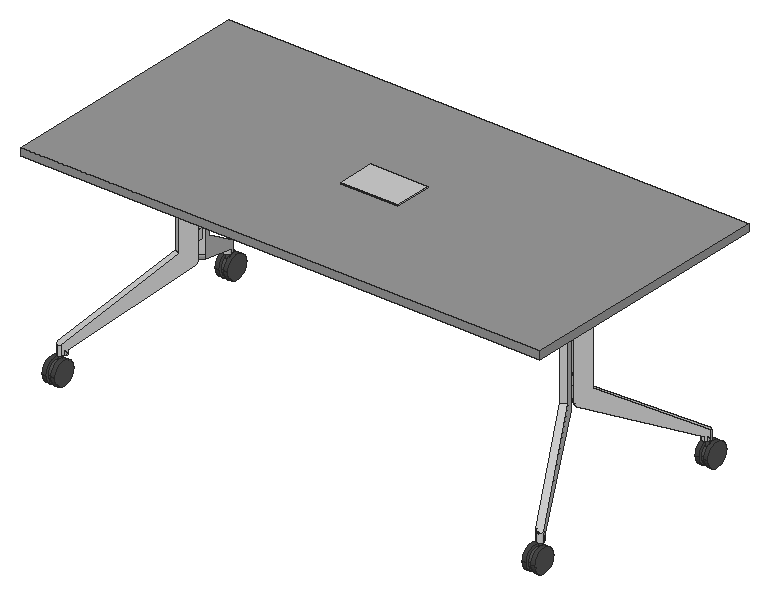
Revit family "Haworth_Planes_CollaborativeTable_Rectangle_AP_PRELIMINARY", category Furniture, Revit 2019
Family settings
  OmniClass Number = 23.40.70.14.64.21
  OmniClass Title = Systems Furniture
  Work Plane-Based = No
  Always vertical = Yes
  Cut with Voids When Loaded = No
  Shared = No
  Room Calculation Point = No
Parameters (values of type "1800w x 900d")
  Width = 1800 mm
  Warranty = "http://www.haworth.com/resources/product-info/warranties"
  URL - Product = "https://www.haworth.com/ap/en/products/conference-tables/planes-0.html"
  Trim Finish = Haworth _ Polymer _ Undecided
  Top Finish [instance] = Haworth _ Laminate _ Undecided _ Tables
  Support Finish [instance] = Haworth _ Paint _ Undecided _ Table
  Small = Depth = 750 mm  # no
  Screen Width = Actual Width - 500 mm  # 1300 mm
  Model = "WOPLTAR"  # constant formula
  Min. Width = 1500 mm  # constant formula
  Min. Depth = 750 mm  # constant formula
  Max. Width = 1800 mm  # constant formula
  Max. Depth = 900 mm  # constant formula
  Leg Height = Actual Height - 25 mm  # 715 mm
  Large = Depth = 900 mm  # yes
  Glides = no
  Flip Top Finish = Haworth _ Paint _ Undecided _ Table
  Flip Top = yes
  Description = "Haworth - Planes - Collaborative Table - Rectangle"  # constant formula
  URL = "https://www.haworth.com/ap/en.html"
  Size = "Verify Final Dim. w/ Haworth"  # constant formula
  Revision Number = "1"  # constant formula
  Manufacturer = "Haworth"  # constant formula
  Depth = 900 mm
  Casters = not(Glides)  # yes
  Caster Finish = Haworth _ Polymer _ Black
  Author = "Haworth (Abd Rahman)"  # constant formula
  Assembly Code = "E2020200"
  Actual Width = if(Width > Max. Width, Max. Width, if(Width < Min. Width, Min. Width, Width))  # 1800 mm
  Actual Height = 740 mm  # constant formula
  Actual Depth = if(Depth > Max. Depth, Max. Depth, if(Depth < Min. Depth, Min. Depth, Depth))  # 900 mm
Types (7, lengths in mm): name | Width | Small | Screen Width | Large | Glides | Flip Top | Depth | Casters | Actual Width | Actual Depth
  (no name) | 1800 | no | 1300 | yes | no | yes | 900 | yes | 1800 | 900
  1500w x 750d | 1500 | yes | 1000 | no | no | no | 750 | yes | 1500 | 750
  1500w x 900d | 1500 | no | 1000 | yes | yes | yes | 900 | no | 1500 | 900
  1600w x 750d | 1600 | yes | 1100 | no | yes | yes | 750 | no | 1600 | 750
  1600w x 900d | 1600 | no | 1100 | yes | no | yes | 900 | yes | 1600 | 900
  1800w x 750d | 1800 | yes | 1300 | no | no | no | 750 | yes | 1800 | 750
  1800w x 900d | 1800 | no | 1300 | yes | no | yes | 900 | yes | 1800 | 900
Reference planes
  plane 1 "Center F/B": y = 0
  plane 2: z = 0
  plane 3 "Top": z = 740
  plane 4: x = 0
  plane 5: z = 715
  plane 6: x = -900
  plane 7: x = 900
  plane 8: y = 450
  plane 9: y = -450
  plane 10: x = -640
  plane 11: x = 640
  plane 12: y = -400
  plane 13: x = 850
  plane 14: y = 400
  plane 15: x = -850
Dimensions and locks
  "Actual Height": plane 3 "Top" to level
  "Actual Width": plane 6 to plane 7
  equal spacing: plane 6, plane 4, plane 7
  equal spacing: plane 8, plane 1 "Center F/B", plane 9
  "Actual Depth": plane 8 to plane 9
  locked: plane 3 "Top" to plane 5 at 25
  plane 6 to plane 10 = 260 mm
  plane 11 to plane 7 = 260 mm
  locked: plane 6 to plane 15 at 50
  locked: plane 13 to plane 7 at 50
  locked: plane 12 to plane 9 at 50
  locked: plane 14 to plane 8 at 50
  aligned and locked: nested 1 to plane 4
  aligned and locked: plane 1 "Center F/B" to nested 1
  aligned and locked: plane 3 "Top" to nested 1
  aligned and locked: nested 2 to plane 10
  aligned and locked: nested 3 to plane 11
  aligned and locked: nested 3 to plane 1 "Center F/B"
  aligned and locked: plane 1 "Center F/B" to nested 2
  aligned and locked: plane 2 to nested 2
  aligned and locked: plane 2 to nested 3
  aligned and locked: nested 4 to plane 4
  aligned and locked: plane 1 "Center F/B" to nested 4
  aligned and locked: plane 5 to nested 4
  aligned and locked: nested 5 to plane 4
  aligned and locked: plane 1 "Center F/B" to nested 5
  aligned and locked: nested 5 to plane 3 "Top"
  aligned and locked: nested 6 to plane 10
  aligned and locked: nested 7 to plane 11
  aligned and locked: nested 7 to plane 1 "Center F/B"
  aligned and locked: plane 1 "Center F/B" to nested 6
  aligned and locked: plane 2 to nested 6
  aligned and locked: plane 2 to nested 7
Nested families
  nested 1: "Haworth_Planes_Top_EU-PART" at (556.859, 72.1, 5), Top Finish <- "Top Finish", type "Conference Desk - Top"
    with Top Finish Haworth _ Laminate _ Undecided _ Tables, Rounded Corners no, Actual Width 1800 mm, Actual Depth 900 mm
  nested 2: "Haworth_Planes_Leg-Y" at (-640, 0, 0), visible <- "Small", type "Leg"
    with Leg Height 715 mm
  nested 3: "Haworth_Planes_Leg-Y" at (640, 0, 0) x (-1, 0, 0) z (0, 0, 1), visible <- "Small", type "Leg"
    with Leg Height 715 mm
  nested 4: "Haworth_Planes_Beam_Understructure-PART" at (0, 29.1, 0), Support Finish <- "Support Finish", type "Beam Understructure"
    with Support Finish Haworth _ Paint _ Undecided _ Table, Actual Width 1300 mm
  nested 5: "Haworth-Flip Top" at (-14.487, -1.333, -60), visible <- "Flip Top", type "Flip Top - Visio"
    with Actual Width 200 mm, Actual Depth 130 mm
  nested 6: "Haworth_Planes_Leg-Y_Large-PART" at (-640, 0, 0), visible <- "Large", type "Leg"
    with Leg Height 715 mm
  nested 7: "Haworth_Planes_Leg-Y_Large-PART" at (640, 0, 0) x (-1, 0, 0) z (0, 0, 1), visible <- "Large", type "Leg"
    with Leg Height 715 mm
Definition of nested family "Haworth_Planes_Top_EU-PART"
  Parameters (values of type "Conference Desk - Top")
    Warranty = "http://www.haworth.com/resources/product-info/warranties"
    URL - Product = ""
    URL = "https://www.haworth.com/eu/en.html"
    Top Finish [instance] = none
    Thickness = 25 mm
    Squared Corners = yes
    Size = "Verify Final Dim. w/ Haworth"  # constant formula
    Rounded Corners = yes
    Revision Number = "1"  # constant formula
    Model = ""
    Manufacturer = "Haworth"  # constant formula
    Edge Protector = none
    Description = ""
    Author = "Haworth (Abd Rahman)"  # constant formula
    Assembly Code = "E2020200"
    Actual Width = 2100 mm
    Actual Mounting Height = 450 mm
    Actual Depth = 800 mm
  Reference planes
    plane 1: z = -5
    plane 2: x = -1606.859
    plane 3: x = 493.141
    plane 4: x = -556.859
    plane 5: y = 327.9
    plane 6: y = -472.1
    plane 7: y = -72.1
    plane 8: z = 735
    plane 9: z = 710
    plane 10: z = 726
    plane 11: z = 717
    plane 12: x = 488.203
    plane 13: x = -1601.922
    plane 14: y = 323.298
    plane 15: y = -467.498
  Forms (mm)
    Extrusion 1, solid, material <- "Top Finish", visible <- "Squared Corners"
      sketch origin (0, 0, -5) x (1, 0, 0) y (0, 1, 0)
        loop
          line (-1606.859, 327.9) -> (-1606.859, -472.1) -> (493.141, -472.1) -> (493.141, 327.9) -> (-1606.859, 327.9)
      from 715 to 740
    Extrusion 2, solid, material <- "Top Finish", visible <- "Rounded Corners"
      sketch origin (0, 0, -5) x (1, 0, 0) y (0, 1, 0)
        loop
          arc (-1561.922, 323.298) -> (-1590.206, 311.583) -> (-1601.922, 283.298) r 40
          line (-1601.922, 283.298) -> (-1601.922, -427.498)
          arc (-1601.922, -427.498) -> (-1590.206, -455.783) -> (-1561.922, -467.498) r 40
          line (-1561.922, -467.498) -> (448.203, -467.498)
          arc (448.203, -467.498) -> (476.488, -455.783) -> (488.203, -427.498) r 40
          line (488.203, -427.498) -> (488.203, 283.298)
          arc (488.203, 283.298) -> (476.488, 311.583) -> (448.203, 323.298) r 40
          line (448.203, 323.298) -> (-1561.922, 323.298)
      from 731 to 740
    Extrusion 3, solid, material <- "Top Finish", visible <- "Rounded Corners"
      sketch origin (0, 0, -5) x (1, 0, 0) y (0, 1, 0)
        loop
          arc (-1561.922, 323.298) -> (-1590.206, 311.583) -> (-1601.922, 283.298) r 40
          line (-1601.922, 283.298) -> (-1601.922, -427.498)
          arc (-1601.922, -427.498) -> (-1590.206, -455.783) -> (-1561.922, -467.498) r 40
          line (-1561.922, -467.498) -> (448.203, -467.498)
          arc (448.203, -467.498) -> (476.488, -455.783) -> (488.203, -427.498) r 40
          line (488.203, -427.498) -> (488.203, 283.298)
          arc (488.203, 283.298) -> (476.488, 311.583) -> (448.203, 323.298) r 40
          line (448.203, 323.298) -> (-1561.922, 323.298)
      from 715 to 722
    Extrusion 4, solid, material <- "Edge Protector", visible <- "Rounded Corners"
      sketch origin (0, 0, -5) x (1, 0, 0) y (0, 1, 0)
        loop
          arc (-1566.859, 327.9) -> (-1595.143, 316.184) -> (-1606.859, 287.9) r 40
          line (-1606.859, 287.9) -> (-1606.859, -432.1)
          arc (-1606.859, -432.1) -> (-1595.143, -460.384) -> (-1566.859, -472.1) r 40
          line (-1566.859, -472.1) -> (453.141, -472.1)
          arc (453.141, -472.1) -> (481.425, -460.384) -> (493.141, -432.1) r 40
          line (493.141, -432.1) -> (493.141, 287.9)
          arc (493.141, 287.9) -> (481.425, 316.184) -> (453.141, 327.9) r 40
          line (453.141, 327.9) -> (-1566.859, 327.9)
      from 722 to 731
  Dimensions and locks
    equal spacing: plane 2, plane 4, plane 3
    equal spacing: plane 6, plane 7, plane 5
    "Actual Width": plane 2 to plane 3
    "Actual Depth": plane 6 to plane 5
    plane 8 to plane 10 to plane 11 to plane 9 = 9 mm locked, 9 mm locked, 7 mm locked
    locked: plane 2 to plane 13 at 4.937
    locked: plane 12 to plane 3 at 4.938
    locked: plane 14 to plane 5 at 4.602
    locked: plane 6 to plane 15 at 4.602
    plane 8 to plane 9 = 25 mm
    aligned and locked: level to plane 1
    aligned and locked: plane 3 to Extrusion 1 sketch curve
    aligned and locked: plane 5 to Extrusion 1 sketch curve
    aligned and locked: Extrusion 1 sketch curve to plane 6
    aligned and locked: Extrusion 1 sketch curve to plane 2
    aligned and locked: plane 8 to Extrusion 1
    aligned and locked: Extrusion 1 to plane 9
    aligned and locked: Extrusion 2 to plane 8
    aligned and locked: Extrusion 2 to plane 10
    aligned and locked: plane 12 to Extrusion 3 sketch curve
    aligned and locked: Extrusion 3 sketch curve to plane 14
    aligned and locked: Extrusion 3 sketch curve to plane 15
    aligned and locked: plane 13 to Extrusion 3 sketch curve
    aligned and locked: plane 13 to Extrusion 2 sketch curve
    aligned and locked: Extrusion 2 sketch curve to plane 15
    aligned and locked: plane 12 to Extrusion 2 sketch curve
    aligned and locked: Extrusion 2 sketch curve to plane 14
    aligned and locked: plane 11 to Extrusion 3
    aligned and locked: Extrusion 3 to plane 9
    aligned and locked: Extrusion 4 sketch curve to plane 6
    aligned and locked: plane 3 to Extrusion 4 sketch curve
    aligned and locked: plane 5 to Extrusion 4 sketch curve
    aligned and locked: Extrusion 4 sketch curve to plane 2
    aligned and locked: Extrusion 4 to plane 11
    aligned and locked: plane 10 to Extrusion 4
  Automatic sketch dimensions
    plane 13 to Extrusion 2 sketch curve = 40 mm  (x2)
    plane 12 to Extrusion 2 sketch curve = 40 mm  (x2)
    Extrusion 2 sketch curve to plane 15 = 40 mm  (x2)
    plane 13 to Extrusion 3 sketch curve = 40 mm  (x2)
    plane 12 to Extrusion 3 sketch curve = 40 mm  (x2)
    Extrusion 3 sketch curve to plane 15 = 40 mm  (x2)
    plane 13 to Extrusion 4 sketch curve = 35.063 mm  (x2)
    plane 12 to Extrusion 4 sketch curve = 35.062 mm  (x3)
    Extrusion 4 sketch curve to plane 15 = 35.398 mm
Definition of nested family "Haworth_Planes_Leg-Y"
  Parameters (values of type "Leg")
    Leg Height = 774.7 mm
    Leg Finish = none
    Glides = no
    Casters = yes
    Caster Finish = none
    Assembly Code = ""
  Reference planes
    plane 1 "Center (Front/Back)": y = 0
    plane 2: z = 0
    plane 3 "Center (Left/Right)": x = 0
    plane 4 "Top of Leg": z = 774.7
    plane 5 "Y Leg Stand": x = -149.225
    plane 6 "Left Y Leg": through (-4.476, 15.493, 1219.2) normal (-0.8829, -0.4695, 0)
    plane 7 "Left Post": x = -14.287
    plane 8 "Left Support": y = 287.729
    plane 9: through (-4.476, -15.493, 1219.2) normal (0.8829, -0.4695, 0)
    plane 10: y = -287.729
  Forms (mm)
    Extrusion 1, solid, material <- "Leg Finish"
      sketch origin (-13.106, 0, 0) x (1, 0, 0) y (0, 0, 1)
        loop
          line (7.144, 346.075) -> (7.144, 377.825) -> (-1.181, 377.825) -> (-1.181, 346.075) -> (7.144, 346.075)
      from -25.4 to 25.4
    Extrusion 2, solid, material <- "Leg Finish"
      sketch origin (-4.476, 15.493, 1219.2) x (0.469468, -0.88295, 0) y (0, 0, -1)
        loop
          line (-50.8, 882.657) -> (-50.8, 444.5) -> (0, 444.5) -> (0, 873.308) -> (-2.538, 909.601)
          arc (-2.538, 909.601) -> (-6.012, 920.969) -> (-14.114, 929.665) r 26.437
          line (-14.114, 929.665) -> (-299.087, 1116.593) -> (-321.132, 1116.593) -> (-321.132, 1102.547) -> (-50.8, 882.657)
      from -11.113 to 11.113
    Extrusion 3, void
      sketch origin (18.686, 21.929, 0) x (0.88295, 0.469468, 0) y (-0.469468, 0.88295, 0)
        loop
          arc (-34.584, 313.517) -> (-23.472, 324.63) -> (-12.359, 313.517) r 11.112
          line (-12.359, 313.517) -> (-7.908, 313.517) -> (-7.908, 327.429) -> (-39.035, 327.429) -> (-39.035, 313.517) -> (-34.584, 313.517)
      from 81.937 to 140.104
    Revolve 4, solid, material <- "Leg Finish", visible <- "Glides"
      sketch origin (-149.466, -1.061, 0) x (-0.000803, -1, 0) y (0, 0, 1)
        loop
          line (-288.79, 87.312) -> (-288.79, 0) -> (-263.39, 0) -> (-263.39, 4.762) -> (-277.678, 4.762) -> (-277.678, 87.312) -> (-288.79, 87.312)
        axis (-288.79, 87.312) -> (-288.79, 0)
      angle from 0 to 360
    Extrusion 5, solid, material <- "Leg Finish"
      sketch origin (18.686, 21.929, 0) x (0.88295, 0.469468, 0) y (-0.469468, 0.88295, 0)
        loop
          circle (-23.472, 313.517) r 11.112
      from 87.312 to 102.607
    Extrusion 6, solid, material <- "Leg Finish"
      sketch origin (-4.476, -15.493, 1219.2) x (0.469468, 0.88295, 0) y (0, 0, 1)
        loop
          line (-50.8, -882.657) -> (-321.132, -1102.547) -> (-321.132, -1116.593) -> (-299.087, -1116.593) -> (-14.114, -929.665)
          arc (-14.114, -929.665) -> (-6.012, -920.969) -> (-2.538, -909.601) r 26.437
          line (-2.538, -909.601) -> (0, -873.308) -> (0, -444.5) -> (-50.8, -444.5) -> (-50.8, -882.657)
      from -11.113 to 11.113
    Extrusion 7, void
      sketch origin (18.686, -21.929, 0) x (0.88295, -0.469468, 0) y (0.469468, 0.88295, 0)
        loop
          line (-34.584, -313.517) -> (-39.035, -313.517) -> (-39.035, -327.429) -> (-7.908, -327.429) -> (-7.908, -313.517) -> (-12.359, -313.517)
          arc (-12.359, -313.517) -> (-23.472, -324.63) -> (-34.584, -313.517) r 11.112
      from 81.937 to 140.104
    Revolve 8, solid, material <- "Leg Finish", visible <- "Glides"
      sketch origin (-149.448, 1.061, 0) x (-0.000803, 1, 0) y (0, 0, -1)
        loop
          line (-288.79, -87.312) -> (-277.678, -87.312) -> (-277.678, -4.762) -> (-263.39, -4.762) -> (-263.39, 0) -> (-288.79, 0) -> (-288.79, -87.312)
        axis (-288.79, -87.312) -> (-288.79, 0)
      angle from 0 to 360
    Extrusion 9, solid, material <- "Leg Finish"
      sketch origin (18.686, -21.929, 0) x (0.88295, -0.469468, 0) y (0.469468, 0.88295, 0)
        loop
          circle (-23.472, -313.517) r 11.112
      from 87.312 to 102.607
  Cuts and joins
    Extrusion 3, Extrusion 7 cuts Extrusion 1
    Extrusion 3, Extrusion 7 cuts Extrusion 2
    Extrusion 7 cuts Extrusion 5
    Extrusion 7 cuts Extrusion 6
    Extrusion 7 cuts Extrusion 9
    joined: Extrusion 1, Extrusion 2, Extrusion 5, Extrusion 6, Extrusion 9
    Extrusion 7 cuts Revolve 4
    Extrusion 7 cuts Revolve 8
  Dimensions and locks
    "Leg Height": plane 4 "Top of Leg" to level
    plane 5 "Y Leg Stand" to plane 3 "Center (Left/Right)" = 149.225 mm
    locked: plane 7 "Left Post" to plane 3 "Center (Left/Right)" at 14.288
  Automatic sketch dimensions
    plane 7 "Left Post" to Extrusion 1 sketch curve = 0 mm
    Extrusion 1 sketch curve to plane 3 "Center (Left/Right)" = 5.962 mm
    level to Extrusion 1 sketch curve = 346.075 mm
    Extrusion 1 sketch curve to Extrusion 1 sketch curve = 31.75 mm
    plane 4 "Top of Leg" to Extrusion 2 sketch curve = 0 mm
    Extrusion 2 sketch curve to level = 116.653 mm
    Extrusion 2 sketch curve to level = 102.607 mm
    Extrusion 2 sketch curve to Extrusion 2 sketch curve = 22.044 mm
    Extrusion 2 sketch curve to Extrusion 2 sketch curve = 270.332 mm
    Extrusion 2 sketch curve to Extrusion 2 sketch curve = 21.89 mm
    Extrusion 2 sketch curve to level = 289.535 mm
    Extrusion 2 sketch curve to Extrusion 2 sketch curve = 14.796 mm
    Extrusion 2 sketch curve to level = 309.599 mm
    Extrusion 2 sketch curve to Extrusion 2 sketch curve = 11.576 mm
    Extrusion 2 sketch curve to Extrusion 2 sketch curve = 50.8 mm
    Extrusion 2 sketch curve to Extrusion 2 sketch curve = 25.1 mm
    Extrusion 2 sketch curve to Extrusion 2 sketch curve = 36.294 mm
    Extrusion 3 sketch curve to plane 5 "Y Leg Stand" = 0 mm
    Extrusion 3 sketch curve to plane 6 "Left Y Leg" = 0 mm
    Extrusion 3 sketch curve to plane 6 "Left Y Leg" = 11.112 mm
    Extrusion 3 sketch curve to Extrusion 3 sketch curve = 4.451 mm  (x2)
    Extrusion 3 sketch curve to Extrusion 3 sketch curve = 13.912 mm
    Revolve 4 sketch curve to level = 0 mm
    level to Revolve 4 sketch curve = 87.093 mm
    Revolve 4 sketch curve to Revolve 4 sketch curve = 0 mm
    level to Revolve 4 sketch curve = 4.763 mm
    Revolve 4 sketch curve to Revolve 4 sketch curve = 11.113 mm
    Revolve 4 sketch curve to Revolve 4 sketch curve = 14.287 mm
    Revolve 4 sketch curve to level = 27.207 mm
    Revolve 4 sketch curve to Revolve 4 sketch curve = 0.22 mm
    Extrusion 5 sketch curve to plane 5 "Y Leg Stand" = 0 mm
    Extrusion 5 sketch curve to plane 6 "Left Y Leg" = 0 mm
    Extrusion 6 sketch curve to plane 4 "Top of Leg" = 0 mm
    level to Extrusion 6 sketch curve = 116.653 mm
    level to Extrusion 6 sketch curve = 102.607 mm
    Extrusion 6 sketch curve to Extrusion 6 sketch curve = 22.044 mm
    Extrusion 6 sketch curve to Extrusion 6 sketch curve = 270.332 mm
    Extrusion 6 sketch curve to Extrusion 6 sketch curve = 21.89 mm
    level to Extrusion 6 sketch curve = 289.535 mm
    Extrusion 6 sketch curve to Extrusion 6 sketch curve = 14.796 mm
    level to Extrusion 6 sketch curve = 309.599 mm
    Extrusion 6 sketch curve to Extrusion 6 sketch curve = 11.576 mm
    Extrusion 6 sketch curve to Extrusion 6 sketch curve = 50.8 mm
    Extrusion 6 sketch curve to Extrusion 6 sketch curve = 25.1 mm
    Extrusion 6 sketch curve to Extrusion 6 sketch curve = 36.294 mm
    Extrusion 7 sketch curve to plane 5 "Y Leg Stand" = 0 mm
    plane 9 to Extrusion 7 sketch curve = 0 mm
    plane 9 to Extrusion 7 sketch curve = 11.112 mm
    Extrusion 7 sketch curve to Extrusion 7 sketch curve = 4.451 mm  (x2)
    Extrusion 7 sketch curve to Extrusion 7 sketch curve = 13.912 mm
    Revolve 8 sketch curve to level = 0 mm
    level to Revolve 8 sketch curve = 87.093 mm
    Revolve 8 sketch curve to Revolve 8 sketch curve = 0 mm
    level to Revolve 8 sketch curve = 4.763 mm
    Revolve 8 sketch curve to Revolve 8 sketch curve = 11.113 mm
    Revolve 8 sketch curve to Revolve 8 sketch curve = 14.287 mm
    Revolve 8 sketch curve to Revolve 8 sketch curve = 0.22 mm
    Revolve 8 sketch curve to level = 27.207 mm
    Extrusion 9 sketch curve to plane 5 "Y Leg Stand" = 0 mm
    plane 9 to Extrusion 9 sketch curve = 0 mm
    radius of Extrusion 5 sketch curve = 11.112 mm
    radius of Extrusion 9 sketch curve = 11.112 mm
  Nested families
    nested 1: "Haworth_3in Caster" at (-149.225, 287.729, 0), visible <- "Casters", type "Haworth_3in Caster"
    nested 2: "Haworth_3in Caster" at (-149.225, -287.729, 0), visible <- "Casters", type "Haworth_3in Caster"
  Definition of nested family "Haworth_3in Caster"
    Parameters
      Glides = yes
      Caster Finish = none
      Cart Leg Finish = none
      Assembly Code = ""
    Reference planes
      plane 1 "Center (Front/Back)": y = 0
      plane 2: z = 0
      plane 3 "Center (Left/Right)": x = 0
    Forms (mm)
      Extrusion 1, solid
        sketch origin (0, 0, -0.538) x (0, 1, 0) y (0, 0, 1)
          loop
            circle (-12.369, 40.225) r 39.688
        from 22.225 to 7.938
      Extrusion 2, solid
        sketch origin (0, 0, -0.538) x (0, 1, 0) y (0, 0, 1)
          loop
            circle (-12.369, 40.225) r 39.688
        from -22.225 to -7.938
      Extrusion 3, solid
        sketch origin (0, 0, 0) x (0, 1, 0) y (0, 0, 1)
          loop
            circle (-12.369, 39.687) r 33.338
        from -7.938 to 7.938
      Extrusion 4, solid
        sketch origin (0, 0, 0) x (1, 0, 0) y (0, 1, 0)
          loop
            circle (0, 0) r 6.35
        from 61.913 to 87.313
    Cuts and joins
      joined: Extrusion 3, Extrusion 4
    Dimensions and locks
      plane 3 "Center (Left/Right)" to Extrusion 2 = 7.938 mm
      Extrusion 1 to plane 3 "Center (Left/Right)" = 22.225 mm
Definition of nested family "Haworth_Planes_Beam_Understructure-PART"
  Parameters (values of type "Beam Understructure")
    Support Finish [instance] = none
    Assembly Code = ""
    Actual Width = 1400 mm
    Actual Depth = 133 mm  # constant formula
  Reference planes
    plane 1 "Center (Front/Back)": y = -29.1
    plane 2: z = 0
    plane 3 "Center (Left/Right)": x = 0
    plane 4: z = 715
    plane 5: x = -700
    plane 6: x = 700
    plane 7: z = 635
    plane 8: y = 37.4
    plane 9: y = -95.6
  Forms (mm)
    Extrusion 1, solid, material <- "Support Finish"
      sketch origin (0, -102.4, 16.467) x (0, 1, 0) y (0, 0, 1)
        loop
          arc (110.838, 646.415) -> (111.458, 647.913) -> (112.956, 648.533) r 2.118
          line (112.956, 648.533) -> (131.591, 648.533)
          arc (131.591, 648.533) -> (137.423, 650.949) -> (139.838, 656.78) r 8.247
          line (139.838, 656.78) -> (139.838, 689.631)
          arc (139.838, 689.631) -> (137.231, 695.926) -> (130.936, 698.533) r 8.902
          line (130.936, 698.533) -> (121.938, 698.533)
          arc (121.938, 698.533) -> (120.453, 697.918) -> (119.838, 696.433) r 2.1
          line (119.838, 696.433) -> (119.838, 652.533) -> (118.839, 651.533) -> (112.838, 651.533)
          arc (112.838, 651.533) -> (109.302, 650.069) -> (107.838, 646.533) r 5
          line (107.838, 646.533) -> (107.838, 623.698)
          arc (107.838, 623.698) -> (107.204, 622.167) -> (105.674, 621.533) r 2.164
          line (105.674, 621.533) -> (40.925, 621.533)
          arc (40.925, 621.533) -> (39.449, 622.145) -> (38.838, 623.621) r 2.088
          line (38.838, 623.621) -> (38.838, 646.533)
          arc (38.838, 646.533) -> (37.373, 650.069) -> (33.838, 651.533) r 5
          line (33.838, 651.533) -> (27.838, 651.533) -> (26.838, 652.533) -> (26.838, 696.483)
          arc (26.838, 696.483) -> (26.238, 697.933) -> (24.789, 698.533) r 2.05
          line (24.789, 698.533) -> (15.348, 698.533)
          arc (15.348, 698.533) -> (9.331, 696.041) -> (6.838, 690.024) r 8.509
          line (6.838, 690.024) -> (6.838, 656.933)
          arc (6.838, 656.933) -> (9.299, 650.993) -> (15.239, 648.533) r 8.4
          line (15.239, 648.533) -> (33.79, 648.533)
          arc (33.79, 648.533) -> (35.238, 647.933) -> (35.838, 646.485) r 2.048
          line (35.838, 646.485) -> (35.838, 623.876)
          arc (35.838, 623.876) -> (37.403, 620.098) -> (41.18, 618.533) r 5.343
          line (41.18, 618.533) -> (105.838, 618.533)
          arc (105.838, 618.533) -> (109.373, 619.997) -> (110.838, 623.533) r 5
          line (110.838, 623.533) -> (110.838, 646.415)
      from -700 to 700
  Lines and regions (mm)
    Masking region 1
      outline origin (0, 0, 0) x (1, 0, 0) y (0, 1, 0)
        loop
          line (-700, 37.4) -> (-700, -95.6) -> (700, -95.6) -> (700, 37.4) -> (-700, 37.4)
  Dimensions and locks
    "Actual Width": plane 5 to plane 6
    equal spacing: plane 5, plane 3 "Center (Left/Right)", plane 6
    plane 7 to plane 4 = 80 mm
    equal spacing: plane 8, plane 1 "Center (Front/Back)", plane 9
    "Actual Depth": plane 8 to plane 9
    locked: plane 4 to plane 7 at 80
    aligned and locked: Extrusion 1 to plane 5
    aligned and locked: plane 6 to Extrusion 1
    aligned and locked: plane 9 to Masking region 1 sketch curve
    aligned and locked: Masking region 1 sketch curve to plane 8
    aligned and locked: Masking region 1 sketch curve to plane 6
    aligned and locked: plane 5 to Masking region 1 sketch curve
  Automatic sketch dimensions
    plane 1 "Center (Front/Back)" to Extrusion 1 sketch curve = 66.461 mm
    Extrusion 1 sketch curve to Extrusion 1 sketch curve = 8.4 mm
    Extrusion 1 sketch curve to Extrusion 1 sketch curve = 8.509 mm
    Extrusion 1 sketch curve to Extrusion 1 sketch curve = 9.441 mm
    Extrusion 1 sketch curve to Extrusion 1 sketch curve = 11.6 mm
    Extrusion 1 sketch curve to Extrusion 1 sketch curve = 1 mm  (x4)
    Extrusion 1 sketch curve to Extrusion 1 sketch curve = 5.952 mm
    Extrusion 1 sketch curve to Extrusion 1 sketch curve = 0.048 mm  (x2)
    Extrusion 1 sketch curve to Extrusion 1 sketch curve = 2.048 mm
    Extrusion 1 sketch curve to Extrusion 1 sketch curve = 3 mm  (x2)
    Extrusion 1 sketch curve to Extrusion 1 sketch curve = 2.088 mm
    Extrusion 1 sketch curve to Extrusion 1 sketch curve = 0.255 mm
    Extrusion 1 sketch curve to Extrusion 1 sketch curve = 64.493 mm
    Extrusion 1 sketch curve to Extrusion 1 sketch curve = 0.164 mm
    Extrusion 1 sketch curve to Extrusion 1 sketch curve = 2 mm  (x2)
    Extrusion 1 sketch curve to Extrusion 1 sketch curve = 0.118 mm  (x2)
    Extrusion 1 sketch curve to Extrusion 1 sketch curve = 6 mm
    Extrusion 1 sketch curve to Extrusion 1 sketch curve = 2.1 mm
    Extrusion 1 sketch curve to Extrusion 1 sketch curve = 8.998 mm
    Extrusion 1 sketch curve to Extrusion 1 sketch curve = 11.753 mm
    Extrusion 1 sketch curve to Extrusion 1 sketch curve = 8.902 mm
    Extrusion 1 sketch curve to plane 4 = 80 mm
    Extrusion 1 sketch curve to Extrusion 1 sketch curve = 2.343 mm
    Extrusion 1 sketch curve to Extrusion 1 sketch curve = 22.882 mm
    Extrusion 1 sketch curve to Extrusion 1 sketch curve = 22.61 mm
    Extrusion 1 sketch curve to plane 4 = 8.902 mm
    Extrusion 1 sketch curve to plane 4 = 8.509 mm
Definition of nested family "Haworth-Flip Top"
  Parameters (values of type "Flip Top - Visio")
    Warranty = ""
    URL - Product = ""
    URL = ""
    Sustainability Info = ""
    Size = "Verify Final Dim. w/ Haworth"  # constant formula
    Single Sided = no
    Single Sided Wide = yes
    Revision Number = ""
    OmniClass Number = ""
    Material Options = ""
    Manufacturer = "Haworth"  # constant formula
    LEED Data = ""
    Flip Top Height = 25 mm
    Flip Top Finish = none
    Double Sided = no
    Double Sided Wide = no
    Author = "SHAPE Environments, LLC"  # constant formula
    Assembly Code = ""
    Actual Width = 500 mm
    Actual Height = 800 mm
    Actual Depth = 110 mm
  Reference planes
    plane 1 "Center F/B": y = 1.333
    plane 2: z = 0
    plane 3 "Center L/R": x = 14.487
    plane 4 "Back": y = 56.333
    plane 5 "Right": x = 264.487
    plane 6 "Front": y = -53.667
    plane 7 "Left": x = -235.513
    plane 8 "Table Height": z = 800
    plane 9: z = 775
  Forms (mm)
    Extrusion 1, solid, material <- "Flip Top Finish"
      sketch origin (0, 0, 800) x (-1, 0, 0) y (0, -1, 0)
        loop
          line (235.513, -56.333) -> (235.513, 53.667) -> (-264.487, 53.667) -> (-264.487, -56.333) -> (235.513, -56.333)
      from 0 to 3.175
    Extrusion 2, solid, material <- "Flip Top Finish"
      sketch origin (0, 0, 800) x (-1, 0, 0) y (0, -1, 0)
        loop
          line (232.338, -51.571) -> (232.338, 48.904) -> (-261.312, 48.904) -> (-261.312, -51.571) -> (232.338, -51.571)
      from 0 to -25
  Cuts and joins
    joined: Extrusion 1, Extrusion 2
  Lines and regions (mm)
    symbolic lines
      curve 1: line (-235.513, 56.333, 800) -> (264.487, 56.333, 800)
      curve 2: line (-235.513, -53.667, 800) -> (-235.513, 56.333, 800)
      curve 3: line (264.487, -53.667, 800) -> (-235.513, -53.667, 800)
      curve 4: line (264.487, 56.333, 800) -> (264.487, -53.667, 800)
  Dimensions and locks
    equal spacing: plane 7 "Left", plane 3 "Center L/R", plane 5 "Right"
    "Actual Width": plane 7 "Left" to plane 5 "Right"
    equal spacing: plane 6 "Front", plane 1 "Center F/B", plane 4 "Back"
    "Actual Depth": plane 4 "Back" to plane 6 "Front"
    plane 7 "Left" to Extrusion 2 sketch curve = 3.175 mm
    plane 4 "Back" to Extrusion 2 sketch curve = 4.762 mm
    Extrusion 2 sketch curve to plane 5 "Right" = 3.175 mm
    Extrusion 2 sketch curve to plane 6 "Front" = 4.763 mm
    "Actual Height": plane 8 "Table Height" to level
    "Flip Top Height": plane 8 "Table Height" to plane 9
    aligned and locked: plane 7 "Left" to Extrusion 1 sketch curve
    aligned and locked: Extrusion 1 sketch curve to plane 4 "Back"
    aligned and locked: Extrusion 1 sketch curve to plane 6 "Front"
    aligned and locked: Extrusion 1 sketch curve to plane 5 "Right"
    aligned and locked: cut or joined group of Extrusion 1, Extrusion 2 to plane 9
  Automatic sketch dimensions
    curve 4 to plane 5 "Right" = 0 mm
    curve 2 to plane 4 "Back" = 0 mm
    curve 2 to plane 7 "Left" = 0 mm
    curve 4 to plane 6 "Front" = 0 mm
Definition of nested family "Haworth_Planes_Leg-Y_Large-PART"
  Parameters (values of type "Leg")
    Leg Height = 774.7 mm
    Leg Finish = none
    Glides = no
    Casters = yes
    Caster Finish = none
    Assembly Code = ""
  Reference planes
    plane 1 "Center (Front/Back)": y = 0
    plane 2: z = 0
    plane 3 "Center (Left/Right)": x = 0
    plane 4 "Top of Leg": z = 774.7
    plane 5 "Y Leg Stand": x = -149.225
    plane 6 "Left Y Leg": through (-4.476, 15.493, 1219.2) normal (-0.8829, -0.4695, 0)
    plane 7 "Left Post": x = -14.287
    plane 8 "Left Support": y = 284.554
    plane 9: through (-4.476, -15.493, 1219.2) normal (0.8829, -0.4695, 0)
    plane 10: y = -287.729
  Forms (mm)
    Extrusion 1, solid, material <- "Leg Finish"
      sketch origin (-7.55, 0, 0) x (1, 0, 0) y (0, 0, 1)
        loop
          line (7.144, 346.075) -> (7.144, 377.825) -> (-1.181, 377.825) -> (-1.181, 346.075) -> (7.144, 346.075)
      from -25.4 to 25.4
    Extrusion 2, solid, material <- "Leg Finish"
      sketch origin (-4.476, -15.493, 1219.2) x (0.469468, 0.88295, 0) y (0, 0, 1)
        loop
          line (-50.8, -892.934) -> (-404.706, -1103.802) -> (-404.706, -1132.377) -> (-379.306, -1132.377) -> (-379.306, -1116.593) -> (-4.677, -940.193)
          arc (-4.677, -940.193) -> (2.669, -933.436) -> (4.848, -923.696) r 16.696
          line (4.848, -923.696) -> (4.848, -444.5) -> (-50.8, -444.5) -> (-50.8, -892.934)
      from -11.113 to 11.113
    Extrusion 3, void
      sketch origin (-21.796, -97.595, 0) x (0.88295, -0.469468, 0) y (0.469468, 0.88295, 0)
        loop
          line (-34.584, -313.517) -> (-39.035, -313.517) -> (-39.035, -327.429) -> (-7.908, -327.429) -> (-7.908, -313.517) -> (-12.359, -313.517)
          arc (-12.359, -313.517) -> (-23.472, -324.63) -> (-34.584, -313.517) r 11.112
      from 81.937 to 140.104
    Revolve 4, solid, material <- "Leg Finish", visible <- "Glides"
      sketch origin (-189.929, -74.605, 0) x (-0.000803, 1, 0) y (0, 0, -1)
        loop
          line (-288.79, -87.312) -> (-277.678, -87.312) -> (-277.678, -4.762) -> (-263.39, -4.762) -> (-263.39, 0) -> (-288.79, 0) -> (-288.79, -87.312)
        axis (-288.79, -87.312) -> (-288.79, 0)
      angle from 0 to 360
    Extrusion 5, solid, material <- "Leg Finish"
      sketch origin (-18.621, -92.039, 0) x (0.88295, -0.469468, 0) y (0.469468, 0.88295, 0)
        loop
          circle (-23.472, -313.517) r 11.112
      from 87.312 to 102.607
    Extrusion 6, solid, material <- "Leg Finish"
      sketch origin (-4.476, 15.493, 1219.2) x (0.469468, -0.88295, 0) y (0, 0, -1)
        loop
          line (-50.8, 892.934) -> (-50.8, 444.5) -> (4.848, 444.5) -> (4.848, 923.696)
          arc (4.848, 923.696) -> (2.669, 933.436) -> (-4.677, 940.193) r 16.696
          line (-4.677, 940.193) -> (-379.306, 1116.593) -> (-379.306, 1132.377) -> (-404.706, 1132.377) -> (-404.706, 1103.802) -> (-50.8, 892.934)
      from -11.113 to 11.113
    Extrusion 7, void
      sketch origin (-21.796, 94.42, 0) x (0.88295, 0.469468, 0) y (-0.469468, 0.88295, 0)
        loop
          arc (-34.584, 313.517) -> (-23.472, 324.63) -> (-12.359, 313.517) r 11.112
          line (-12.359, 313.517) -> (-7.908, 313.517) -> (-7.908, 327.429) -> (-39.035, 327.429) -> (-39.035, 313.517) -> (-34.584, 313.517)
      from 81.937 to 140.104
    Revolve 8, solid, material <- "Leg Finish", visible <- "Glides"
      sketch origin (-189.929, 71.43, 0) x (-0.000803, -1, 0) y (0, 0, 1)
        loop
          line (-288.79, 87.312) -> (-288.79, 0) -> (-263.39, 0) -> (-263.39, 4.762) -> (-277.678, 4.762) -> (-277.678, 87.312) -> (-288.79, 87.312)
        axis (-288.79, 87.312) -> (-288.79, 0)
      angle from 0 to 360
    Extrusion 9, solid, material <- "Leg Finish"
      sketch origin (-18.621, 88.864, 0) x (0.88295, 0.469468, 0) y (-0.469468, 0.88295, 0)
        loop
          circle (-23.472, 313.517) r 11.112
      from 87.312 to 102.607
  Cuts and joins
    Extrusion 3, Extrusion 7 cuts Extrusion 1
    Extrusion 3, Extrusion 7 cuts Extrusion 2
    joined: Extrusion 1, Extrusion 2
    Extrusion 3, Extrusion 7 cuts Revolve 4
    Extrusion 3 cuts Extrusion 5
    Extrusion 7 cuts Extrusion 6
  Dimensions and locks
    "Leg Height": plane 4 "Top of Leg" to level
    plane 5 "Y Leg Stand" to plane 3 "Center (Left/Right)" = 149.225 mm
    locked: plane 7 "Left Post" to plane 3 "Center (Left/Right)" at 14.288
    aligned and locked: plane 4 "Top of Leg" to cut or joined group of Extrusion 1, Extrusion 2, Extrusion 3, Extrusion 7
  Automatic sketch dimensions
    Extrusion 1 sketch curve to plane 7 "Left Post" = 5.556 mm
    Extrusion 1 sketch curve to plane 3 "Center (Left/Right)" = 0.406 mm
    level to Extrusion 1 sketch curve = 346.075 mm
    Extrusion 1 sketch curve to Extrusion 1 sketch curve = 31.75 mm
    plane 4 "Top of Leg" to Extrusion 2 sketch curve = 0 mm
    level to Extrusion 2 sketch curve = 115.398 mm
    level to Extrusion 2 sketch curve = 102.607 mm
    Extrusion 2 sketch curve to Extrusion 2 sketch curve = 25.4 mm
    Extrusion 2 sketch curve to Extrusion 2 sketch curve = 328.506 mm
    Extrusion 2 sketch curve to Extrusion 2 sketch curve = 39.011 mm
    level to Extrusion 2 sketch curve = 279.007 mm
    Extrusion 2 sketch curve to Extrusion 2 sketch curve = 7.112 mm
    Extrusion 2 sketch curve to Extrusion 2 sketch curve = 16.637 mm
    Extrusion 2 sketch curve to Extrusion 2 sketch curve = 28.575 mm
    Extrusion 2 sketch curve to Extrusion 2 sketch curve = 15.105 mm
    Extrusion 2 sketch curve to Extrusion 2 sketch curve = 32.155 mm
    plane 9 to Extrusion 3 sketch curve = 15.784 mm
    Extrusion 3 sketch curve to Extrusion 3 sketch curve = 4.451 mm  (x2)
    plane 9 to Extrusion 3 sketch curve = 0.22 mm
    Extrusion 3 sketch curve to plane 5 "Y Leg Stand" = 40.481 mm
    Extrusion 3 sketch curve to Extrusion 3 sketch curve = 13.912 mm
    Revolve 4 sketch curve to level = 0 mm
    level to Revolve 4 sketch curve = 87.313 mm
    level to Revolve 4 sketch curve = 4.763 mm
    Revolve 4 sketch curve to Revolve 4 sketch curve = 11.113 mm
    Revolve 4 sketch curve to Revolve 4 sketch curve = 14.287 mm
    Revolve 4 sketch curve to Revolve 4 sketch curve = 0 mm
    Revolve 4 sketch curve to Revolve 4 sketch curve = 0.22 mm
    Revolve 4 sketch curve to level = 27.207 mm
    plane 9 to Extrusion 5 sketch curve = 0.025 mm
    Extrusion 5 sketch curve to plane 5 "Y Leg Stand" = 37.306 mm
    plane 4 "Top of Leg" to Extrusion 6 sketch curve = 0 mm
    level to Extrusion 6 sketch curve = 115.398 mm
    level to Extrusion 6 sketch curve = 102.607 mm
    Extrusion 6 sketch curve to Extrusion 6 sketch curve = 25.4 mm
    Extrusion 6 sketch curve to Extrusion 6 sketch curve = 328.506 mm
    Extrusion 6 sketch curve to Extrusion 6 sketch curve = 39.011 mm
    level to Extrusion 6 sketch curve = 279.007 mm
    Extrusion 6 sketch curve to Extrusion 6 sketch curve = 7.112 mm
    Extrusion 6 sketch curve to Extrusion 6 sketch curve = 16.637 mm
    Extrusion 6 sketch curve to Extrusion 6 sketch curve = 47.26 mm
    Extrusion 6 sketch curve to Extrusion 6 sketch curve = 16.498 mm
    Extrusion 6 sketch curve to Extrusion 6 sketch curve = 28.575 mm
    Extrusion 7 sketch curve to plane 6 "Left Y Leg" = 17.274 mm
    Extrusion 7 sketch curve to Extrusion 7 sketch curve = 4.451 mm  (x2)
    Extrusion 7 sketch curve to plane 6 "Left Y Leg" = 1.711 mm
    plane 5 "Y Leg Stand" to Extrusion 7 sketch curve = 40.481 mm
    Extrusion 7 sketch curve to Extrusion 7 sketch curve = 13.912 mm
    Revolve 8 sketch curve to level = 0 mm
    level to Revolve 8 sketch curve = 87.312 mm
    level to Revolve 8 sketch curve = 4.762 mm
    Revolve 8 sketch curve to Revolve 8 sketch curve = 11.113 mm
    Revolve 8 sketch curve to Revolve 8 sketch curve = 14.287 mm
    Revolve 8 sketch curve to Revolve 8 sketch curve = 0 mm
    Revolve 8 sketch curve to level = 27.207 mm
    Revolve 8 sketch curve to Revolve 8 sketch curve = 0.22 mm
    Extrusion 9 sketch curve to plane 6 "Left Y Leg" = 1.516 mm
    plane 5 "Y Leg Stand" to Extrusion 9 sketch curve = 37.306 mm
    radius of Extrusion 5 sketch curve = 11.112 mm
    radius of Extrusion 9 sketch curve = 11.112 mm
  Nested families
    nested 1: "Haworth_3in Caster" at (-189.706, -363.396, 0), visible <- "Casters", type "Haworth_3in Caster"
    nested 2: "Haworth_3in Caster" at (-189.706, 360.221, 0), visible <- "Casters", type "Haworth_3in Caster"
  Definition of nested family "Haworth_3in Caster"
    Parameters
      Glides = yes
      Caster Finish = none
      Cart Leg Finish = none
      Assembly Code = ""
    Reference planes
      plane 1 "Center (Front/Back)": y = 0
      plane 2: z = 0
      plane 3 "Center (Left/Right)": x = 0
    Forms (mm)
      Extrusion 1, solid
        sketch origin (0, 0, -0.538) x (0, 1, 0) y (0, 0, 1)
          loop
            circle (-12.369, 40.225) r 39.688
        from 22.225 to 7.938
      Extrusion 2, solid
        sketch origin (0, 0, -0.538) x (0, 1, 0) y (0, 0, 1)
          loop
            circle (-12.369, 40.225) r 39.688
        from -22.225 to -7.938
      Extrusion 3, solid
        sketch origin (0, 0, 0) x (0, 1, 0) y (0, 0, 1)
          loop
            circle (-12.369, 39.687) r 33.338
        from -7.938 to 7.938
      Extrusion 4, solid
        sketch origin (0, 0, 0) x (1, 0, 0) y (0, 1, 0)
          loop
            circle (0, 0) r 6.35
        from 61.913 to 87.313
    Cuts and joins
      joined: Extrusion 3, Extrusion 4
    Dimensions and locks
      plane 3 "Center (Left/Right)" to Extrusion 2 = 7.938 mm
      Extrusion 1 to plane 3 "Center (Left/Right)" = 22.225 mm
